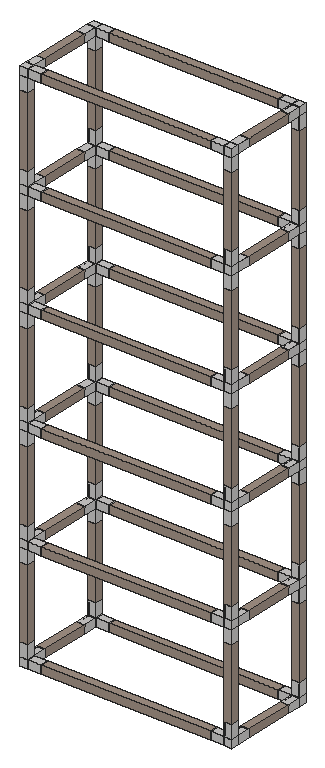
Revit family "NM_Oteka", category Generic Models, host Floor, Revit 2014
Parameters
  side2 [instance] = 800 mm
  side1 [instance] = 350 mm
  shelf_height [instance] = 400 mm
Reference planes
  plane 1 "Center (Front/Back)": y = 0
  plane 2: z = 0
  plane 3 "Center (Left/Right)": x = 0
  plane 4: x = -400
  plane 5: x = 400
  plane 6: y = 175
  plane 7: y = -175
  plane 8: z = 430
  plane 9: z = 830
  plane 10: z = 1230
  plane 11: z = 1630
  plane 12: z = 2030
  plane 13: z = 30
  plane 14: z = 400
  plane 15: z = 800
  plane 16: z = 1200
  plane 17: z = 1600
  plane 18: z = 2000
  plane 19: y = 145
  plane 20: y = -145
  plane 21: x = -370
  plane 22: x = 370
Dimensions and locks
  "side2": plane 4 to plane 5
  equal spacing: plane 4, plane 3 "Center (Left/Right)", plane 5
  "side1": plane 6 to plane 7
  equal spacing: plane 6, plane 1 "Center (Front/Back)", plane 7
  "shelf_height": plane 9 to plane 8
  "shelf_height": plane 10 to plane 9
  "shelf_height": plane 11 to plane 10
  "shelf_height": plane 12 to plane 11
  locked: plane 13 to level at 30
  "shelf_height": plane 13 to plane 8
  locked: plane 8 to plane 14 at 30
  locked: plane 9 to plane 15 at 30
  locked: plane 10 to plane 16 at 30
  locked: plane 11 to plane 17 at 30
  locked: plane 12 to plane 18 at 30
  locked: plane 6 to plane 19 at 30
  locked: plane 20 to plane 7 at 30
  locked: plane 4 to plane 21 at 30
  locked: plane 22 to plane 5 at 30
  aligned and locked: level to plane 2
  aligned and locked: nested 1 to plane 13
  aligned and locked: nested 1 to plane 20
  aligned and locked: plane 19 to nested 1
  aligned and locked: plane 8 to nested 2
  aligned and locked: nested 2 to plane 20
  aligned and locked: plane 19 to nested 2
  aligned and locked: plane 9 to nested 3
  aligned and locked: nested 3 to plane 20
  aligned and locked: plane 19 to nested 3
  aligned and locked: plane 10 to nested 4
  aligned and locked: nested 4 to plane 20
  aligned and locked: plane 19 to nested 4
  aligned and locked: plane 11 to nested 5
  aligned and locked: nested 5 to plane 20
  aligned and locked: plane 19 to nested 5
  aligned and locked: plane 12 to nested 6
  aligned and locked: nested 6 to plane 20
  aligned and locked: plane 19 to nested 6
  aligned and locked: plane 4 to nested 1
  aligned and locked: nested 2 to plane 4
  aligned and locked: nested 3 to plane 4
  aligned and locked: nested 4 to plane 4
  aligned and locked: nested 5 to plane 4
  aligned and locked: nested 6 to plane 4
  aligned and locked: nested 7 to plane 13
  aligned and locked: nested 8 to plane 13
  aligned and locked: nested 7 to plane 6
  aligned and locked: nested 8 to plane 7
  aligned and locked: nested 8 to plane 21
  aligned and locked: nested 7 to plane 21
  aligned and locked: plane 8 to nested 9
  aligned and locked: plane 8 to nested 10
  aligned and locked: nested 9 to plane 6
  aligned and locked: nested 10 to plane 7
  aligned and locked: nested 10 to plane 4
  aligned and locked: nested 9 to plane 4
  aligned and locked: plane 19 to nested 20
  aligned and locked: plane 20 to nested 19
  aligned and locked: nested 19 to plane 18
  aligned and locked: nested 20 to plane 18
  aligned and locked: nested 19 to plane 11
  aligned and locked: nested 20 to plane 11
  aligned and locked: plane 20 to nested 18
  aligned and locked: plane 19 to nested 17
  aligned and locked: nested 17 to plane 17
  aligned and locked: nested 18 to plane 17
  aligned and locked: nested 18 to plane 10
  aligned and locked: nested 17 to plane 10
  aligned and locked: plane 20 to nested 15
  aligned and locked: nested 15 to plane 16
  aligned and locked: nested 16 to plane 16
  aligned and locked: plane 19 to nested 16
  aligned and locked: nested 16 to plane 9
  aligned and locked: nested 15 to plane 9
  aligned and locked: plane 19 to nested 13
  aligned and locked: plane 20 to nested 14
  aligned and locked: nested 14 to plane 15
  aligned and locked: nested 13 to plane 15
  aligned and locked: nested 14 to plane 8
  aligned and locked: nested 13 to plane 8
  aligned and locked: nested 11 to plane 14
  aligned and locked: nested 12 to plane 14
  aligned and locked: plane 13 to nested 11
  aligned and locked: plane 13 to nested 12
  aligned and locked: plane 20 to nested 11
  aligned and locked: plane 19 to nested 12
  aligned and locked: plane 4 to nested 11
  aligned and locked: plane 4 to nested 12
  aligned and locked: plane 4 to nested 14
  aligned and locked: plane 4 to nested 13
  aligned and locked: plane 4 to nested 15
  aligned and locked: plane 4 to nested 16
  aligned and locked: plane 4 to nested 18
  aligned and locked: plane 4 to nested 17
  aligned and locked: plane 4 to nested 19
  aligned and locked: plane 4 to nested 20
  aligned and locked: plane 9 to nested 23
  aligned and locked: plane 10 to nested 22
  aligned and locked: plane 11 to nested 21
  aligned and locked: plane 9 to nested 26
  aligned and locked: plane 10 to nested 25
  aligned and locked: plane 11 to nested 24
  aligned and locked: nested 21 to plane 6
  aligned and locked: nested 24 to plane 7
  aligned and locked: nested 25 to plane 7
  aligned and locked: nested 22 to plane 6
  aligned and locked: nested 26 to plane 7
  aligned and locked: nested 23 to plane 6
  aligned and locked: nested 24 to plane 4
  aligned and locked: nested 21 to plane 4
  aligned and locked: nested 25 to plane 4
  aligned and locked: nested 22 to plane 4
  aligned and locked: nested 26 to plane 4
  aligned and locked: nested 23 to plane 4
  aligned and locked: plane 12 to nested 27
  aligned and locked: plane 12 to nested 28
  aligned and locked: nested 27 to plane 7
  aligned and locked: nested 28 to plane 6
  aligned and locked: nested 27 to plane 4
  aligned and locked: nested 28 to plane 4
  aligned and locked: nested 40 to plane 6
  aligned and locked: plane 7 to nested 34
  aligned and locked: nested 39 to plane 6
  aligned and locked: plane 7 to nested 33
  aligned and locked: nested 38 to plane 6
  aligned and locked: plane 7 to nested 32
  aligned and locked: nested 37 to plane 6
  aligned and locked: plane 7 to nested 31
  aligned and locked: nested 36 to plane 6
  aligned and locked: plane 7 to nested 30
  aligned and locked: nested 35 to plane 6
  aligned and locked: plane 7 to nested 29
  aligned and locked: nested 35 to plane 13
  aligned and locked: plane 8 to nested 36
  aligned and locked: plane 8 to nested 30
  aligned and locked: plane 9 to nested 37
  aligned and locked: plane 9 to nested 31
  aligned and locked: plane 10 to nested 38
  aligned and locked: plane 10 to nested 32
  aligned and locked: plane 11 to nested 39
  aligned and locked: plane 11 to nested 33
  aligned and locked: plane 12 to nested 40
  aligned and locked: plane 12 to nested 34
  aligned and locked: plane 21 to nested 29
  aligned and locked: nested 29 to plane 22
  aligned and locked: plane 22 to nested 35
  aligned and locked: plane 21 to nested 30
  aligned and locked: nested 30 to plane 22
  aligned and locked: plane 22 to nested 36
  aligned and locked: nested 36 to plane 21
  aligned and locked: nested 35 to plane 21
  aligned and locked: plane 22 to nested 37
  aligned and locked: nested 37 to plane 21
  aligned and locked: plane 21 to nested 31
  aligned and locked: nested 31 to plane 22
  aligned and locked: plane 22 to nested 38
  aligned and locked: nested 38 to plane 21
  aligned and locked: plane 21 to nested 32
  aligned and locked: nested 32 to plane 22
  aligned and locked: plane 22 to nested 39
  aligned and locked: nested 39 to plane 21
  aligned and locked: plane 21 to nested 33
  aligned and locked: nested 33 to plane 22
  aligned and locked: nested 34 to plane 22
  aligned and locked: plane 22 to nested 40
  aligned and locked: nested 40 to plane 21
  aligned and locked: plane 21 to nested 34
  aligned and locked: nested 46 to plane 12
  aligned and locked: nested 44 to plane 11
  aligned and locked: nested 42 to plane 10
  aligned and locked: nested 45 to plane 9
  aligned and locked: nested 43 to plane 8
  aligned and locked: plane 13 to nested 41
  aligned and locked: plane 20 to nested 46
  aligned and locked: plane 20 to nested 44
  aligned and locked: plane 20 to nested 42
  aligned and locked: plane 20 to nested 45
  aligned and locked: nested 45 to plane 19
  aligned and locked: nested 43 to plane 19
  aligned and locked: plane 20 to nested 43
  aligned and locked: plane 20 to nested 41
  aligned and locked: nested 41 to plane 19
  aligned and locked: nested 46 to plane 19
  aligned and locked: nested 44 to plane 19
  aligned and locked: nested 42 to plane 19
  aligned and locked: plane 5 to nested 46
  aligned and locked: plane 5 to nested 44
  aligned and locked: plane 5 to nested 42
  aligned and locked: plane 5 to nested 45
  aligned and locked: plane 5 to nested 43
  aligned and locked: nested 41 to plane 5
  aligned and locked: nested 48 to plane 5
  aligned and locked: nested 47 to plane 5
  aligned and locked: plane 5 to nested 50
  aligned and locked: plane 5 to nested 49
  aligned and locked: plane 5 to nested 56
  aligned and locked: plane 5 to nested 53
  aligned and locked: plane 5 to nested 55
  aligned and locked: plane 5 to nested 52
  aligned and locked: plane 5 to nested 54
  aligned and locked: plane 5 to nested 51
  aligned and locked: plane 5 to nested 57
  aligned and locked: plane 5 to nested 58
  aligned and locked: nested 57 to plane 12
  aligned and locked: nested 58 to plane 12
  aligned and locked: nested 54 to plane 11
  aligned and locked: nested 51 to plane 11
  aligned and locked: nested 55 to plane 10
  aligned and locked: nested 52 to plane 10
  aligned and locked: nested 56 to plane 9
  aligned and locked: nested 53 to plane 9
  aligned and locked: nested 50 to plane 8
  aligned and locked: nested 49 to plane 8
  aligned and locked: plane 13 to nested 48
  aligned and locked: plane 13 to nested 47
  aligned and locked: plane 7 to nested 57
  aligned and locked: plane 6 to nested 58
  aligned and locked: plane 6 to nested 51
  aligned and locked: plane 7 to nested 54
  aligned and locked: plane 7 to nested 55
  aligned and locked: plane 6 to nested 52
  aligned and locked: plane 6 to nested 53
  aligned and locked: plane 7 to nested 56
  aligned and locked: plane 6 to nested 49
  aligned and locked: plane 7 to nested 50
  aligned and locked: plane 7 to nested 48
  aligned and locked: plane 6 to nested 47
  aligned and locked: plane 18 to nested 59
  aligned and locked: plane 11 to nested 59
  aligned and locked: plane 18 to nested 60
  aligned and locked: plane 11 to nested 60
  aligned and locked: plane 17 to nested 61
  aligned and locked: plane 17 to nested 62
  aligned and locked: plane 10 to nested 62
  aligned and locked: plane 10 to nested 61
  aligned and locked: plane 16 to nested 68
  aligned and locked: plane 16 to nested 63
  aligned and locked: plane 9 to nested 63
  aligned and locked: plane 9 to nested 68
  aligned and locked: plane 15 to nested 64
  aligned and locked: plane 15 to nested 67
  aligned and locked: plane 8 to nested 64
  aligned and locked: plane 8 to nested 67
  aligned and locked: plane 14 to nested 65
  aligned and locked: plane 14 to nested 66
  aligned and locked: nested 65 to plane 13
  aligned and locked: nested 66 to plane 13
  aligned and locked: plane 7 to nested 59
  aligned and locked: plane 7 to nested 62
  aligned and locked: plane 7 to nested 63
  aligned and locked: plane 7 to nested 64
  aligned and locked: plane 7 to nested 65
  aligned and locked: plane 6 to nested 66
  aligned and locked: plane 6 to nested 67
  aligned and locked: plane 6 to nested 68
  aligned and locked: plane 6 to nested 61
  aligned and locked: plane 6 to nested 60
  aligned and locked: plane 5 to nested 59
  aligned and locked: plane 5 to nested 62
  aligned and locked: plane 5 to nested 63
  aligned and locked: plane 5 to nested 64
  aligned and locked: plane 5 to nested 65
  aligned and locked: plane 5 to nested 60
  aligned and locked: plane 5 to nested 61
  aligned and locked: plane 5 to nested 68
  aligned and locked: plane 5 to nested 67
  aligned and locked: plane 5 to nested 66
Nested families
  nested 1: "NM_wood milled beam" at (-385, 0, 15) x (0, -1, 0) z (-1, 0, 0), type "NM_wood milled beam"
    with length 290 mm, lenght_calc 290 mm
  nested 2: "NM_wood milled beam" at (-385, 0, 415) x (0, -1, 0) z (1, 0, 0), type "NM_wood milled beam"
    with length 290 mm, lenght_calc 290 mm
  nested 3: "NM_wood milled beam" at (-385, 0, 815) x (0, -1, 0) z (1, 0, 0), type "NM_wood milled beam"
    with length 290 mm, lenght_calc 290 mm
  nested 4: "NM_wood milled beam" at (-385, 0, 1215) x (0, -1, 0) z (1, 0, 0), type "NM_wood milled beam"
    with length 290 mm, lenght_calc 290 mm
  nested 5: "NM_wood milled beam" at (-385, 0, 1615) x (0, -1, 0) z (1, 0, 0), type "NM_wood milled beam"
    with length 290 mm, lenght_calc 290 mm
  nested 6: "NM_wood milled beam" at (-385, 0, 2015) x (0, -1, 0) z (1, 0, 0), type "NM_wood milled beam"
    with length 290 mm, lenght_calc 290 mm
  nested 7: "NM_steeljoint" at (-385, 160, 15) x (0, -1, 0) z (-1, 0, 0), type "E_joint"
    with joint_material NM_satin steel
  nested 8: "NM_steeljoint" at (-385, -160, 15) x (0, 0, 1) z (-1, 0, 0), type "E_joint"
    with joint_material NM_satin steel
  nested 9: "NM_steeljoint" at (-385, 160, 415) x (0, -1, 0) z (0, 0, 1), type "K_joint"
    with joint_material NM_satin steel
  nested 10: "NM_steeljoint" at (-385, -160, 415), type "K_joint"
    with joint_material NM_satin steel
  nested 11: "NM_wood milled beam" at (-385, -160, 215) x (0, 0, -1) z (1, 0, 0), type "NM_wood milled beam"
    with length 370 mm, lenght_calc 370 mm
  nested 12: "NM_wood milled beam" at (-385, 160, 215) x (0, 0, -1) z (1, 0, 0), type "NM_wood milled beam"
    with length 370 mm, lenght_calc 370 mm
  nested 13: "NM_wood milled beam" at (-385, 160, 615) x (0, 0, -1) z (1, 0, 0), type "NM_wood milled beam"
    with length 370 mm, lenght_calc 370 mm
  nested 14: "NM_wood milled beam" at (-385, -160, 615) x (0, 0, -1) z (1, 0, 0), type "NM_wood milled beam"
    with length 370 mm, lenght_calc 370 mm
  nested 15: "NM_wood milled beam" at (-385, -160, 1015) x (0, 0, -1) z (1, 0, 0), type "NM_wood milled beam"
    with length 370 mm, lenght_calc 370 mm
  nested 16: "NM_wood milled beam" at (-385, 160, 1015) x (0, 0, -1) z (1, 0, 0), type "NM_wood milled beam"
    with length 370 mm, lenght_calc 370 mm
  nested 17: "NM_wood milled beam" at (-385, 160, 1415) x (0, 0, -1) z (1, 0, 0), type "NM_wood milled beam"
    with length 370 mm, lenght_calc 370 mm
  nested 18: "NM_wood milled beam" at (-385, -160, 1415) x (0, 0, -1) z (1, 0, 0), type "NM_wood milled beam"
    with length 370 mm, lenght_calc 370 mm
  nested 19: "NM_wood milled beam" at (-385, -160, 1815) x (0, 0, -1) z (1, 0, 0), type "NM_wood milled beam"
    with length 370 mm, lenght_calc 370 mm
  nested 20: "NM_wood milled beam" at (-385, 160, 1815) x (0, 0, -1) z (1, 0, 0), type "NM_wood milled beam"
    with length 370 mm, lenght_calc 370 mm
  nested 21: "NM_steeljoint" at (-385, 160, 1615) x (0, -1, 0) z (0, 0, 1), type "K_joint"
    with joint_material NM_satin steel
  nested 22: "NM_steeljoint" at (-385, 160, 1215) x (0, -1, 0) z (0, 0, 1), type "K_joint"
    with joint_material NM_satin steel
  nested 23: "NM_steeljoint" at (-385, 160, 815) x (0, -1, 0) z (0, 0, 1), type "K_joint"
    with joint_material NM_satin steel
  nested 24: "NM_steeljoint" at (-385, -160, 1615), type "K_joint"
    with joint_material NM_satin steel
  nested 25: "NM_steeljoint" at (-385, -160, 1215), type "K_joint"
    with joint_material NM_satin steel
  nested 26: "NM_steeljoint" at (-385, -160, 815), type "K_joint"
    with joint_material NM_satin steel
  nested 27: "NM_steeljoint" at (-385, -160, 2015), type "E_joint"
    with joint_material NM_satin steel
  nested 28: "NM_steeljoint" at (-385, 160, 2015) x (0, -1, 0) z (0, 0, 1), type "E_joint"
    with joint_material NM_satin steel
  nested 29: "NM_wood milled beam" at (0, -160, 15) x (1, 0, 0) z (0, -1, 0), type "NM_wood milled beam"
    with length 740 mm, lenght_calc 740 mm
  nested 30: "NM_wood milled beam" at (0, -160, 415) x (1, 0, 0) z (0, -1, 0), type "NM_wood milled beam"
    with length 740 mm, lenght_calc 740 mm
  nested 31: "NM_wood milled beam" at (0, -160, 815) x (1, 0, 0) z (0, -1, 0), type "NM_wood milled beam"
    with length 740 mm, lenght_calc 740 mm
  nested 32: "NM_wood milled beam" at (0, -160, 1215) x (1, 0, 0) z (0, -1, 0), type "NM_wood milled beam"
    with length 740 mm, lenght_calc 740 mm
  nested 33: "NM_wood milled beam" at (0, -160, 1615) x (1, 0, 0) z (0, -1, 0), type "NM_wood milled beam"
    with length 740 mm, lenght_calc 740 mm
  nested 34: "NM_wood milled beam" at (0, -160, 2015) x (1, 0, 0) z (0, -1, 0), type "NM_wood milled beam"
    with length 740 mm, lenght_calc 740 mm
  nested 35: "NM_wood milled beam" at (0, 160, 15) x (-1, 0, 0) z (0, -1, 0), type "NM_wood milled beam"
    with length 740 mm, lenght_calc 740 mm
  nested 36: "NM_wood milled beam" at (0, 160, 415) x (-1, 0, 0) z (0, -1, 0), type "NM_wood milled beam"
    with length 740 mm, lenght_calc 740 mm
  nested 37: "NM_wood milled beam" at (0, 160, 815) x (-1, 0, 0) z (0, -1, 0), type "NM_wood milled beam"
    with length 740 mm, lenght_calc 740 mm
  nested 38: "NM_wood milled beam" at (0, 160, 1215) x (-1, 0, 0) z (0, -1, 0), type "NM_wood milled beam"
    with length 740 mm, lenght_calc 740 mm
  nested 39: "NM_wood milled beam" at (0, 160, 1615) x (-1, 0, 0) z (0, -1, 0), type "NM_wood milled beam"
    with length 740 mm, lenght_calc 740 mm
  nested 40: "NM_wood milled beam" at (0, 160, 2015) x (-1, 0, 0) z (0, -1, 0), type "NM_wood milled beam"
    with length 740 mm, lenght_calc 740 mm
  nested 41: "NM_wood milled beam" at (385, 0, 15) x (0, -1, 0) z (1, 0, 0), type "NM_wood milled beam"
    with length 290 mm, lenght_calc 290 mm
  nested 42: "NM_wood milled beam" at (385, 0, 1215) x (0, -1, 0) z (-1, 0, 0), type "NM_wood milled beam"
    with length 290 mm, lenght_calc 290 mm
  nested 43: "NM_wood milled beam" at (385, 0, 415) x (0, -1, 0) z (-1, 0, 0), type "NM_wood milled beam"
    with length 290 mm, lenght_calc 290 mm
  nested 44: "NM_wood milled beam" at (385, 0, 1615) x (0, -1, 0) z (-1, 0, 0), type "NM_wood milled beam"
    with length 290 mm, lenght_calc 290 mm
  nested 45: "NM_wood milled beam" at (385, 0, 815) x (0, -1, 0) z (-1, 0, 0), type "NM_wood milled beam"
    with length 290 mm, lenght_calc 290 mm
  nested 46: "NM_wood milled beam" at (385, 0, 2015) x (0, -1, 0) z (-1, 0, 0), type "NM_wood milled beam"
    with length 290 mm, lenght_calc 290 mm
  nested 47: "NM_steeljoint" at (385, 160, 15) x (0, -1, 0) z (1, 0, 0), type "E_joint"
    with joint_material NM_satin steel
  nested 48: "NM_steeljoint" at (385, -160, 15) x (0, 0, 1) z (1, 0, 0), type "E_joint"
    with joint_material NM_satin steel
  nested 49: "NM_steeljoint" at (385, 160, 415) x (0, -1, 0) z (0, 0, 1), type "K_joint"
    with joint_material NM_satin steel
  nested 50: "NM_steeljoint" at (385, -160, 415) x (-1, 0, 0) z (0, 0, 1), type "K_joint"
    with joint_material NM_satin steel
  nested 51: "NM_steeljoint" at (385, 160, 1615) x (0, -1, 0) z (0, 0, 1), type "K_joint"
    with joint_material NM_satin steel
  nested 52: "NM_steeljoint" at (385, 160, 1215) x (0, -1, 0) z (0, 0, 1), type "K_joint"
    with joint_material NM_satin steel
  nested 53: "NM_steeljoint" at (385, 160, 815) x (0, -1, 0) z (0, 0, 1), type "K_joint"
    with joint_material NM_satin steel
  nested 54: "NM_steeljoint" at (385, -160, 1615) x (-1, 0, 0) z (0, 0, 1), type "K_joint"
    with joint_material NM_satin steel
  nested 55: "NM_steeljoint" at (385, -160, 1215) x (-1, 0, 0) z (0, 0, 1), type "K_joint"
    with joint_material NM_satin steel
  nested 56: "NM_steeljoint" at (385, -160, 815) x (-1, 0, 0) z (0, 0, 1), type "K_joint"
    with joint_material NM_satin steel
  nested 57: "NM_steeljoint" at (385, -160, 2015) x (-1, 0, 0) z (0, 0, 1), type "E_joint"
    with joint_material NM_satin steel
  nested 58: "NM_steeljoint" at (385, 160, 2015) x (0, -1, 0) z (0, 0, 1), type "E_joint"
    with joint_material NM_satin steel
  nested 59: "NM_wood milled beam" at (385, -160, 1815) x (0, 0, 1) z (1, 0, 0), type "NM_wood milled beam"
    with length 370 mm, lenght_calc 370 mm
  nested 60: "NM_wood milled beam" at (385, 160, 1815) x (0, 0, 1) z (1, 0, 0), type "NM_wood milled beam"
    with length 370 mm, lenght_calc 370 mm
  nested 61: "NM_wood milled beam" at (385, 160, 1415) x (0, 0, 1) z (1, 0, 0), type "NM_wood milled beam"
    with length 370 mm, lenght_calc 370 mm
  nested 62: "NM_wood milled beam" at (385, -160, 1415) x (0, 0, 1) z (1, 0, 0), type "NM_wood milled beam"
    with length 370 mm, lenght_calc 370 mm
  nested 63: "NM_wood milled beam" at (385, -160, 1015) x (0, 0, 1) z (1, 0, 0), type "NM_wood milled beam"
    with length 370 mm, lenght_calc 370 mm
  nested 64: "NM_wood milled beam" at (385, -160, 615) x (0, 0, 1) z (1, 0, 0), type "NM_wood milled beam"
    with length 370 mm, lenght_calc 370 mm
  nested 65: "NM_wood milled beam" at (385, -160, 215) x (0, 0, 1) z (1, 0, 0), type "NM_wood milled beam"
    with length 370 mm, lenght_calc 370 mm
  nested 66: "NM_wood milled beam" at (385, 160, 215) x (0, 0, 1) z (1, 0, 0), type "NM_wood milled beam"
    with length 370 mm, lenght_calc 370 mm
  nested 67: "NM_wood milled beam" at (385, 160, 615) x (0, 0, 1) z (1, 0, 0), type "NM_wood milled beam"
    with length 370 mm, lenght_calc 370 mm
  nested 68: "NM_wood milled beam" at (385, 160, 1015) x (0, 0, 1) z (1, 0, 0), type "NM_wood milled beam"
    with length 370 mm, lenght_calc 370 mm
Definition of nested family "NM_wood milled beam"
  Parameters (values of type "NM_wood milled beam")
    millingheight = 50 mm
    milling = 3 mm
    length [instance] = 300 mm
    lenght_calc [instance] = if(length > 1110 mm, 1110 mm, length)  # 300 mm
    beam_section = 30 mm
    Default Elevation = 1219.2 mm
  Reference planes
    plane 1 "Center (Front/Back)": y = 0
    plane 2: z = 0
    plane 3 "Center (Left/Right)": x = 0
    plane 4: z = 15
    plane 5: z = -15
    plane 6: y = -15
    plane 7: y = 15
    plane 8: x = 150
    plane 9: x = -150
    plane 10: y = 12
    plane 11: y = -12
    plane 12: z = -12
    plane 13: z = 12
    plane 14: x = 100
    plane 15: x = -100
  Forms (mm)
    Extrusion 1, solid, material "NM_natural birch"
      sketch origin (0, 0, 0) x (0, 1, 0) y (0, 0, 1)
        loop
          line (15, 15) -> (-15, 15) -> (-15, -15) -> (15, -15) -> (15, 15)
      from -150 to 150
    Extrusion 2, void
      sketch origin (0, 0, 0) x (0, 1, 0) y (0, 0, 1)
        loop
          line (15, 15) -> (-15, 15) -> (-15, -15) -> (15, -15) -> (15, 15)
        loop
          line (12, 12) -> (-12, 12) -> (-12, -12) -> (12, -12) -> (12, 12)
      from 100 to 150
    Extrusion 3, void
      sketch origin (0, 0, 0) x (0, 1, 0) y (0, 0, 1)
        loop
          line (-15, 15) -> (-15, -15) -> (15, -15) -> (15, 15) -> (-15, 15)
        loop
          line (-12, 12) -> (-12, -12) -> (12, -12) -> (12, 12) -> (-12, 12)
      from -150 to -100
  Cuts and joins
    Extrusion 2, Extrusion 3 cuts Extrusion 1
  Dimensions and locks
    "beam_section": plane 4 to plane 5
    equal spacing: plane 4, level, plane 5
    "beam_section": plane 7 to plane 6
    equal spacing: plane 7, plane 1 "Center (Front/Back)", plane 6
    "length": plane 8 to plane 9
    equal spacing: plane 8, plane 3 "Center (Left/Right)", plane 9
    "milling": plane 4 to plane 13
    "milling": plane 12 to plane 5
    "milling": plane 7 to plane 10
    "milling": plane 11 to plane 6
    "millingheight": plane 8 to plane 14
    "millingheight": plane 15 to plane 9
    aligned and locked: level to plane 2
    aligned and locked: plane 5 to Extrusion 1 sketch curve
    aligned and locked: Extrusion 1 sketch curve to plane 6
    aligned and locked: Extrusion 1 sketch curve to plane 4
    aligned and locked: plane 7 to Extrusion 1 sketch curve
    aligned and locked: plane 8 to Extrusion 1
    aligned and locked: Extrusion 1 to plane 9
    aligned and locked: plane 7 to Extrusion 2 sketch curve
    aligned and locked: Extrusion 2 sketch curve to plane 4
    aligned and locked: Extrusion 2 sketch curve to plane 6
    aligned and locked: plane 5 to Extrusion 2 sketch curve
    aligned and locked: Extrusion 2 sketch curve to plane 13
    aligned and locked: plane 10 to Extrusion 2 sketch curve
    aligned and locked: Extrusion 2 sketch curve to plane 12
    aligned and locked: Extrusion 2 sketch curve to plane 11
    aligned and locked: plane 8 to cut or joined group of Extrusion 1, Extrusion 2, Extrusion 3  (x2)
    aligned and locked: cut or joined group of Extrusion 1, Extrusion 2, Extrusion 3 to plane 14
    aligned and locked: Extrusion 3 sketch curve to plane 4
    aligned and locked: plane 7 to Extrusion 3 sketch curve
    aligned and locked: plane 5 to Extrusion 3 sketch curve
    aligned and locked: Extrusion 3 sketch curve to plane 6
    aligned and locked: Extrusion 3 sketch curve to plane 13
    aligned and locked: Extrusion 3 sketch curve to plane 11
    aligned and locked: Extrusion 3 sketch curve to plane 12
    aligned and locked: plane 10 to Extrusion 3 sketch curve
    aligned and locked: cut or joined group of Extrusion 1, Extrusion 2, Extrusion 3 to plane 9
    aligned and locked: plane 15 to cut or joined group of Extrusion 1, Extrusion 2, Extrusion 3
Definition of nested family "NM_steeljoint"
  Parameters (values of type "K_joint")
    profile_thickness = 3 mm
    joint_material [instance] = NM_satin steel
    insert_width = 50 mm
    core_side = 30 mm
    componentD_vis = no
    componentC_vis = no
    componentB_vis = yes
    componentA_vis = yes
  Types (7, lengths in mm): name | componentD_vis | componentB_vis | componentA_vis
    (no name) | no | yes | yes
    T_joint | no | no | yes
    E_joint | no | yes | no
    K_joint | no | yes | yes
    S_joint | yes | yes | yes
    A_joint | yes | yes | yes
    O_joint | no | no | no
  Reference planes
    plane 1 "Center (Front/Back)": y = 0
    plane 2: z = 0
    plane 3 "Center (Left/Right)": x = 0
    plane 4: y = 15
    plane 5: y = -15
    plane 6: x = -15
    plane 7: x = 15
    plane 8: z = 15
    plane 9: z = -15
    plane 10: x = -12
    plane 11: x = 12
    plane 12: y = -12
    plane 13: y = 12
    plane 14: z = 65
    plane 15: z = -65
    plane 16: x = 65
    plane 17: x = -65
    plane 18: y = 65
    plane 19: y = -65
    plane 20: z = 12
    plane 21: z = -12
    plane 22: x = 12
    plane 23: x = -12
    plane 24: y = 12
    plane 25: y = -12
    plane 26: z = -12
    plane 27: z = 12
    plane 28: y = 12
    plane 29: y = -12
    plane 30: z = -12
    plane 31: z = 12
    plane 32: x = 12
    plane 33: x = -12
    plane 34: z = -12
    plane 35: z = 12
    plane 36: z = 0
    plane 37: x = 0
    plane 38: y = 0
    plane 39: x = -12
    plane 40: x = 12
    plane 41: y = -12
    plane 42: y = 12
  Forms (mm)
    Extrusion 1, solid, material "NM_satin steel" <- "joint_material"
      sketch origin (0, 0, 0) x (1, 0, 0) y (0, 1, 0)
        loop
          line (-15, 15) -> (-15, -15) -> (15, -15) -> (15, 15) -> (-15, 15)
      from -15 to 15
    Extrusion 2, solid, material "NM_satin steel" <- "joint_material", visible <- "componentA_vis"
      sketch origin (0, 0, 0) x (1, 0, 0) y (0, 1, 0)
        loop
          line (-15, 15) -> (-15, -15) -> (15, -15) -> (15, 15) -> (-15, 15)
      from 15 to 65
    Extrusion 3, void
      sketch origin (0, 0, 0) x (1, 0, 0) y (0, 1, 0)
        loop
          line (-12, 12) -> (-12, -12) -> (12, -12) -> (12, 12) -> (-12, 12)
      from 15 to 65
    Extrusion 4, solid, material "NM_satin steel" <- "joint_material", visible <- "componentC_vis"
      sketch origin (0, 0, 0) x (1, 0, 0) y (0, 0, 1)
        loop
          line (-15, 15) -> (-15, -15) -> (15, -15) -> (15, 15) -> (-15, 15)
      from 15 to 65
    Extrusion 5, void
      sketch origin (0, 0, 0) x (1, 0, 0) y (0, 0, 1)
        loop
          line (-12, 12) -> (-12, -12) -> (12, -12) -> (12, 12) -> (-12, 12)
      from 15 to 65
    Extrusion 6, solid, material "NM_satin steel" <- "joint_material", visible <- "componentB_vis"
      sketch origin (0, 0, 0) x (0, 1, 0) y (0, 0, 1)
        loop
          line (15, 15) -> (-15, 15) -> (-15, -15) -> (15, -15) -> (15, 15)
      from 15 to 65
    Extrusion 7, void
      sketch origin (0, 0, 0) x (0, 1, 0) y (0, 0, 1)
        loop
          line (12, 12) -> (-12, 12) -> (-12, -12) -> (12, -12) -> (12, 12)
      from 15 to 65
    Extrusion 8, solid, material "NM_satin steel" <- "joint_material", visible <- "componentD_vis"
      sketch origin (0, 0, 0) x (0, 1, 0) y (0, 0, 1)
        loop
          line (15, 15) -> (-15, 15) -> (-15, -15) -> (15, -15) -> (15, 15)
      from -65 to -15
    Extrusion 9, void
      sketch origin (0, 0, 0) x (0, 1, 0) y (0, 0, 1)
        loop
          line (12, 12) -> (-12, 12) -> (-12, -12) -> (12, -12) -> (12, 12)
      from -65 to -15
    Extrusion 10, solid, material "NM_satin steel" <- "joint_material"
      sketch origin (0, 0, 0) x (1, 0, 0) y (0, 0, 1)
        loop
          line (15, 15) -> (-15, 15) -> (-15, -15) -> (15, -15) -> (15, 15)
      from -15 to -65
    Extrusion 11, void
      sketch origin (0, 0, 0) x (1, 0, 0) y (0, 0, 1)
        loop
          line (12, 12) -> (-12, 12) -> (-12, -12) -> (12, -12) -> (12, 12)
      from -15 to -65
    Extrusion 12, solid, material "NM_satin steel" <- "joint_material"
      sketch origin (0, 0, 0) x (1, 0, 0) y (0, 1, 0)
        loop
          line (-15, 15) -> (-15, -15) -> (15, -15) -> (15, 15) -> (-15, 15)
      from -15 to -65
    Extrusion 13, void
      sketch origin (0, 0, 0) x (1, 0, 0) y (0, 1, 0)
        loop
          line (-12, 12) -> (-12, -12) -> (12, -12) -> (12, 12) -> (-12, 12)
      from -65 to -15
  Cuts and joins
    Extrusion 3, Extrusion 5, Extrusion 7, Extrusion 9, Extrusion 11, Extrusion 13 cuts Extrusion 1
    Extrusion 3, Extrusion 13 cuts Extrusion 2
    Extrusion 5, Extrusion 11 cuts Extrusion 4
    Extrusion 7, Extrusion 9 cuts Extrusion 6
    Extrusion 9 cuts Extrusion 8
    Extrusion 11 cuts Extrusion 10
  Dimensions and locks
    "core_side": plane 4 to plane 5
    "core_side": plane 6 to plane 7
    "core_side": plane 8 to plane 9
    "profile_thickness": plane 13 to plane 4
    "profile_thickness": plane 5 to plane 12
    "profile_thickness": plane 6 to plane 10
    "profile_thickness": plane 11 to plane 7
    "insert_width": plane 14 to plane 8
    "insert_width": plane 6 to plane 17
    "insert_width": plane 16 to plane 7
    "insert_width": plane 9 to plane 15
    "insert_width": plane 18 to plane 4
    "insert_width": plane 5 to plane 19
    "profile_thickness": plane 21 to plane 9
    "profile_thickness": plane 8 to plane 20
    "profile_thickness": plane 7 to plane 22
    "profile_thickness": plane 23 to plane 6
    "profile_thickness": plane 26 to plane 9
    "profile_thickness": plane 8 to plane 27
    "profile_thickness": plane 4 to plane 24
    "profile_thickness": plane 25 to plane 5
    "profile_thickness": plane 8 to plane 31
    "profile_thickness": plane 30 to plane 9
    "profile_thickness": plane 4 to plane 28
    "profile_thickness": plane 29 to plane 5
    "profile_thickness": plane 35 to plane 8
    "profile_thickness": plane 9 to plane 34
    "profile_thickness": plane 6 to plane 33
    "profile_thickness": plane 32 to plane 7
    equal spacing: plane 8, plane 36, plane 9
    equal spacing: plane 6, plane 37, plane 7
    equal spacing: plane 4, plane 38, plane 5
    "profile_thickness": plane 4 to plane 42
    "profile_thickness": plane 41 to plane 5
    "profile_thickness": plane 6 to plane 39
    "profile_thickness": plane 40 to plane 7
    aligned and locked: level to plane 2
    aligned and locked: Extrusion 1 sketch curve to plane 4
    aligned and locked: plane 6 to Extrusion 1 sketch curve
    aligned and locked: plane 5 to Extrusion 1 sketch curve
    aligned and locked: Extrusion 1 sketch curve to plane 7
    aligned and locked: Extrusion 1 to plane 9
    aligned and locked: plane 8 to Extrusion 1
    aligned and locked: Extrusion 2 sketch curve to Extrusion 1  (x4)
    aligned and locked: plane 13 to Extrusion 3 sketch curve
    aligned and locked: plane 10 to Extrusion 3 sketch curve
    aligned and locked: Extrusion 3 sketch curve to plane 12
    aligned and locked: Extrusion 3 sketch curve to plane 11
    aligned and locked: cut or joined group of Extrusion 2, Extrusion 3, Extrusion 13 to plane 8
    aligned and locked: cut or joined group of Extrusion 1, Extrusion 3, Extrusion 5, Extrusion 7, Extrusion 9, Extrusion 11, Extrusion 13 to plane 8
    aligned and locked: plane 14 to cut or joined group of Extrusion 2, Extrusion 3, Extrusion 13  (x2)
    aligned and locked: Extrusion 4 sketch curve to cut or joined group of Extrusion 1, Extrusion 3, Extrusion 5, Extrusion 7, Extrusion 9, Extrusion 11, Extrusion 13  (x3)
    aligned and locked: Extrusion 4 sketch curve to cut or joined group of Extrusion 2, Extrusion 3, Extrusion 13
    aligned and locked: Extrusion 5 sketch curve to plane 20
    aligned and locked: Extrusion 5 sketch curve to plane 22
    aligned and locked: plane 5 to cut or joined group of Extrusion 1, Extrusion 3, Extrusion 5, Extrusion 7, Extrusion 9, Extrusion 11, Extrusion 13
    aligned and locked: plane 5 to cut or joined group of Extrusion 4, Extrusion 5, Extrusion 11
    aligned and locked: plane 19 to cut or joined group of Extrusion 4, Extrusion 5, Extrusion 11  (x2)
    aligned and locked: Extrusion 6 sketch curve to cut or joined group of Extrusion 1, Extrusion 3, Extrusion 5, Extrusion 7, Extrusion 9, Extrusion 11, Extrusion 13  (x2)
    aligned and locked: Extrusion 6 sketch curve to cut or joined group of Extrusion 2, Extrusion 3, Extrusion 13
    aligned and locked: cut or joined group of Extrusion 4, Extrusion 5, Extrusion 11 to Extrusion 6 sketch curve
    aligned and locked: cut or joined group of Extrusion 6, Extrusion 7, Extrusion 9 to plane 7  (x2)
    aligned and locked: plane 16 to cut or joined group of Extrusion 6, Extrusion 7, Extrusion 9  (x2)
    aligned and locked: plane 9 to Extrusion 8 sketch curve
    aligned and locked: Extrusion 8 sketch curve to plane 4
    aligned and locked: Extrusion 8 sketch curve to plane 8
    aligned and locked: plane 5 to Extrusion 8 sketch curve
    aligned and locked: plane 30 to Extrusion 9 sketch curve
    aligned and locked: Extrusion 9 sketch curve to plane 29
    aligned and locked: Extrusion 9 sketch curve to plane 31
    aligned and locked: plane 28 to Extrusion 9 sketch curve
    aligned and locked: cut or joined group of Extrusion 8, Extrusion 9 to plane 6
    aligned and locked: cut or joined group of Extrusion 8, Extrusion 9 to plane 17  (x2)
    aligned and locked: plane 6 to cut or joined group of Extrusion 8, Extrusion 9
    aligned and locked: Extrusion 10 sketch curve to plane 8
    aligned and locked: plane 9 to Extrusion 10 sketch curve
    aligned and locked: plane 6 to Extrusion 10 sketch curve
    aligned and locked: Extrusion 10 sketch curve to plane 7
    aligned and locked: Extrusion 11 sketch curve to cut or joined group of Extrusion 4, Extrusion 5, Extrusion 11
    aligned and locked: Extrusion 11 sketch curve to plane 35
    aligned and locked: Extrusion 11 sketch curve to plane 33
    aligned and locked: plane 34 to Extrusion 11 sketch curve
    aligned and locked: plane 4 to cut or joined group of Extrusion 10, Extrusion 11  (x2)
    aligned and locked: cut or joined group of Extrusion 10, Extrusion 11 to plane 18  (x2)
    aligned and locked: plane 6 to Extrusion 12 sketch curve
    aligned and locked: Extrusion 12 sketch curve to plane 7
    aligned and locked: Extrusion 12 sketch curve to plane 4
    aligned and locked: plane 5 to Extrusion 12 sketch curve
    aligned and locked: Extrusion 12 to plane 9
    aligned and locked: Extrusion 12 to plane 15
    aligned and locked: Extrusion 13 sketch curve to plane 40
    aligned and locked: Extrusion 13 sketch curve to plane 42
    aligned and locked: plane 39 to Extrusion 13 sketch curve
    aligned and locked: Extrusion 13 sketch curve to plane 41
    aligned and locked: plane 9 to Extrusion 13
    aligned and locked: Extrusion 13 to plane 15
  Automatic sketch dimensions
    Extrusion 5 sketch curve to plane 21 = 0 mm
    Extrusion 5 sketch curve to plane 23 = 0 mm
    Extrusion 7 sketch curve to plane 25 = 0 mm
    Extrusion 7 sketch curve to plane 24 = 0 mm
    Extrusion 7 sketch curve to plane 26 = 0 mm
    Extrusion 7 sketch curve to plane 27 = 0 mm
